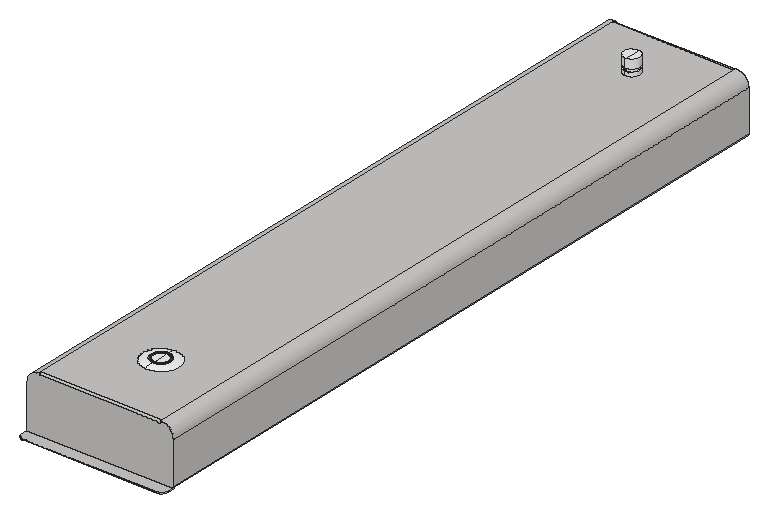
Revit family "PRD_AR_ShwrFttngsPckg_F5EShowerPanel_F5EV2008", category Plumbing Fixtures, host Face, Revit 2023
Family settings
  Host = Face
  Round Connector Dimension = Use Diameter
  Part Type = Normal
  OmniClass Number = 23.45.05.14.17.11
  OmniClass Title = Shower Compartments
  Enable Cutting in Views = No
  Cut with Voids When Loaded = No
  Maintain Annotation Orientation = No
  Shared = No
  Room Calculation Point = No
Parameters (values of type "F5EV2008")
  WithTransformerPowerSupply = "No"
  WithSoapDish = "No"
  WithShowerSet = "No"
  WithRosettesCoverPlate = "Yes"
  WithFilter = "Yes"
  WithBackflowPreventer = "Yes"
  WaterConnection = "hose (gland nut)"
  WarrantyStartDate [instance] = "1900-12-31T23:59:59"
  WarrantyGuarantorParts = "n/a"
  WarrantyGuarantorLabor = "n/a"
  WarrantyDurationUnit = "n/a"
  WarrantyDurationParts = "n/a"
  WarrantyDurationLabor = "n/a"
  WarrantyDescription = "n/a"
  VolumeFlowRateBypassPWH = "n/a"
  VolumeFlowRateAt3Bar = "0.15 l/s"
  Voltage [instance] = 24 V
  Version = "1"
  Uniclass2015Version = "Products v1.36"
  Uniclass2015Title = "Shower fittings package"
  Uniclass2015Code = "Pr_40_20_87_75"
  URL = "www.kwc-professional.com"
  TypeOfShower = "shower panel"
  TypeOfSensor = "piezo-electronic sensor"
  TypeOfPowerSupply = "Transformer"
  TypeOfOperation = "sensor operation"
  TypeOfMounting = "wall mounting"
  TypeOfMixing = "No"
  Type IFC Predefined Type = "SHOWER"
  ThermalDisinfection = "n/a"
  TemperatureLimit = "No"
  TagNumber [instance] = "n/a"
  SustainabilityPerformance = "n/a"
  SurfaceTreatmentFitting = "none"
  SurfaceFinishFitting = "n/a"
  SurfaceFinishCasing = "satin finished"
  Status = "NEW"
  SoundInsulation = "No"
  Size = "15"
  ShowerType = "Individual"
  ShowerPipeDraining = "No"
  ShowerHeadDescription = "n/a"
  ShowerHead = "for separately shower head"
  Shape = "n/a"
  SerialNumber [instance] = "n/a"
  Revision = "n/a"
  ReplacementCost = "n/a"
  Reference = "n/a"
  Push-button = yes
  ProtectiveSystemIP = "IP59K"
  ProtectiveShutdown = "Yes"
  ProductInformation = "http://pim.kwc.com/product/2030070434/attachment/datasheet?locale=en"
  PowerSupplyConnection = "A3000 open 24 V DC"
  PowerFactor [instance] = 1
  PositionOfWaterConnection = "from backside"
  PositionOfPowerConnection = "from backside"
  Poles [instance] = 1
  Parameterization = "network"
  OverallWidth = "232 mm"
  OverallHeight = "1160 mm"
  OverallDepth = "90 mm"
  NominalWidth = 232.00 mm
  NominalLength = 1160.00 mm
  NominalHeight = 1160.00 mm
  NominalDepth = 90.00 mm
  Name = "F5E Shower panel F5EV2008"
  NBSTypeID = "n/a"
  NBSReference = "45-35-70/330"
  NBSOfficeMasterTag = "n/a"
  NBSNote = "n/a"
  NBSDescription = "Shower fittings package"
  NBSCertification = "n/a"
  ModelReference = "F5EV2008"
  ModelNumber = "2030070434"
  Model = ModelReference  # "F5EV2008"
  MinimumFlowTime = "1 Seconds"
  MinimumFlowPressure = "1 bar"
  MaximumFlowTime = "6500 Seconds"
  MaterialFitting = "brass-look"
  MaterialCodeCasing = "1.4301 Chrome Nickel steel V2A"
  MaterialCasing = "stainless steel"
  Material = "stainless steel"
  ManufacturerURL = "www.kwc-professional.com"
  ManufacturerName = "KWC Group Management AG"  # constant formula
  Manufacturer = ManufacturerName  # "KWC Group Management AG"
  LockingMechanism = "Top section, non-ceramic"
  InstallationDate [instance] = "1900-12-31T23:59:59"
  InletSize = "G 1/2 A"
  IfcExportType = "SHOWER"
  IfcExportAs = "IfcSanitaryTerminalType"
  HygieneFlushing = "Yes"
  WaterHot [instance] = no
  HasTray = "No"
  Grade = "n/a"
  FunctionalPrinciple = "Electronic self-closing"
  ForHandShower = "No"
  Flow = 0.15 L/s
  Finish = "Satin finished"
  Features = "For connection from the rear to pre-mixed hot or cold water. Dimensions of housing 232 x 1160 x 90 mm. Shower head must be ordered separately."
  Export Type to IFC As = "IfcSanitaryTerminalType"
  ExpectedLife = "n/a"
  DurationUnit = "n/a"
  DrainSize = 15.00 mm
  DiameterNominal = "DN 15"
  DN = 15 mm
  ConnectionWithPayWaterDispenser = "via electronic module"
  ConnectionVerticalOffset(105-850mm) [instance] = 150.00 mm
  ConnectionHorizontalOffset(60-80mm) [instance] = 70.00 mm
  CompatibleA3000Open = "Yes"
  WaterCold [instance] = not(WaterHot)  # yes
  Circulation = "No"
  BodyMaterial = PRD_AR_StainlessSteel_SatinFinished
  Description = "F5E - A3000 open shower panel made of stainless steel for wall mounting with straight-way valve and connecting nozzles for shower head. Electronically controlled, for connection from the rear to pre-mixed hot or cold water. Connecting nozzles for the required additional DN 15 KWC shower head with pre-fitted flow regulator 9.0 l/min. Housing made of stainless steel, single-piece enclosed, including safety screws. With solenoid valve, piezo push-button with start/stop function, waterproof electronic module, electric T-junction for connection to system cable, connecting hose with lockable water flow regulator and strainer. Activated hygiene flushing 24 hours after the last activity. With facility for parameterization, cleaning deactivation and communication via ECC2 function controller, 24 V DC."
  Default Elevation = 1200.00 mm
  CreatedOn = "05/2025"  # constant formula
  Constituents = "n/a"
  Color = "stainless steel-look"
  CodePerformance = "n/a"
  Category = "Pr_40_20_87_75, Shower fittings package"
  BasicColour = "stainless steel-look"
  BarCode [instance] = "n/a"
  BIMObjectName = "PRD_AR_ ShowerFittingsPackage_F5EShowerPanel_F5EV2008"
  Author = "Archispace"  # constant formula
  AssetType = "Fixed"
  AssetIdentifier [instance] = "n/a"
  ApparentLoad [instance] = 0 VA
  Adjustment = no
  AdjustableFlowTime = "Yes"
  AdditionalConnections = "No"
  AccessibilityPerformance = "n/a"
  AccentColour = "chrome-look (glossy)"
Reference planes
  plane 1 "Center (Front/Back)": y = 0
  plane 2: z = 0
  plane 3 "Center (Left/Right)": x = 0
Dimensions and locks
  aligned and locked: plane 2 to host face
  aligned and locked: level to host face
  aligned and locked: nested 1 to plane 1 "Center (Front/Back)"
Nested families
  nested 1: "F5ShowerPanel" at (0, -140, 0) x (1, 0, 0) z (0, 1, 0), type "F5ShowerPanel"
Connectors
  piping at (-70, 870, 0), diameter 15, driven by "DN", driven by "Flow", driven by "InletSize"
    settings: on nested 1, index 1, connector inside diameter 609.6 mm, connector length 0.00 mm, flow factor 0, pipe flow 0.15 L/s, pressure drop 0.0 Pa, fitting loss kfactor 0, connector angle 0.00°, fixture units 0, engagement length 0.00 mm, angle of deflection 0.00°, flow configuration 0, flow direction 1, fitting loss method 0, system type 7, joint type 0, gender type 0, connector reference index -1, connector utility 0, adjustable connector no, is connector primary yes, connector description "G 1/2 A"
  electrical at (0, 734.25, 0), driven by "ApparentLoad", driven by "Voltage", driven by "PowerFactor", driven by "Poles"
    settings: on nested 1, index 2, voltage 24 V, apparent load 0 VA, apparent load phase1 0 VA, apparent load phase2 0 VA, apparent load phase3 0 VA, power factor 1, load classification "Power", number of poles 1, system type 30, power factor state 1, is connector primary yes, connector utility no, sub classification motor no, connector description "Power"
Definition of nested family "F5ShowerPanel"
  Parameters (values of type "F5ShowerPanel")
    WaterHot = no
    WaterCold = not(WaterHot)  # yes
    F5EV2008 = yes
    F3SV2012WaterHotCheck = and(F3SV2012, WaterHot)  # no
    F3SV2012WaterColdCheck = and(F3SV2012, WaterCold)  # no
    MaterialRed = none
    MaterialBlue = none
    Material2 = none
    Material = none
    F3SV2012 = no
    DiameterNominal = 15.00 mm
    Default Elevation = 1219.20 mm
    ConnectionVerticalOffsetCheck = if([ConnectionVerticalOffset(105-850mm)] < 105.00 mm, 105.00 mm, if([ConnectionVerticalOffset(105-850mm)] > 850.00 mm, 850.00 mm, [ConnectionVerticalOffset(105-850mm)]))  # 150.00 mm
    ConnectionVerticalOffset(105-850mm) = 150.00 mm
    ConnectionHorizontalOffsetCheck = if([ConnectionHorizontalOffset(60-80mm)] < 60.00 mm, 60.00 mm, if([ConnectionHorizontalOffset(60-80mm)] > 80.00 mm, 80.00 mm, [ConnectionHorizontalOffset(60-80mm)]))  # 70.00 mm
    ConnectionHorizontalOffset(60-80mm) = 70.00 mm
  Reference planes
    plane 1 "Center (Front/Back)": y = 0
    plane 2: z = 0
    plane 3 "Center (Left/Right)": x = 0
    plane 4: z = 1160
    plane 5: x = -116
    plane 6: x = 116
    plane 7: z = 140
    plane 8: y = -90
    plane 9: z = 20
    plane 10: z = 1010
    plane 11: x = -70
    plane 12: z = 1074
  Forms (mm)
    Extrusion 1, solid, material <- "Material", detail levels fine
      sketch origin (0, 0, 0) x (1, 0, 0) y (0, 0, 1)
        loop
          line (-116, 20) -> (-116, 10)
          arc (-116, 10) -> (-113.071, 2.929) -> (-106, 0) r 10
          line (-106, 0) -> (106, 0)
          arc (106, 0) -> (113.071, 2.929) -> (116, 10) r 10
          line (116, 10) -> (116, 20) -> (-116, 20)
      from 0 to 1.2
    Extrusion 2, solid, material <- "Material", detail levels fine
      sketch origin (0, 0, 0) x (1, 0, 0) y (0, 1, 0)
        loop
          arc (-113, 0) -> (-115.121, -0.879) -> (-116, -3) r 3
          line (-116, -3) -> (-116, -70)
          arc (-116, -70) -> (-110.142, -84.142) -> (-96, -90) r 20
          line (-96, -90) -> (96, -90)
          arc (96, -90) -> (110.142, -84.142) -> (116, -70) r 20
          line (116, -70) -> (116, -3)
          arc (116, -3) -> (115.121, -0.879) -> (113, 0) r 3
          line (113, 0) -> (-113, 0)
      from 20 to 1160
    Sweep 3, void
      path origin (0, 0, 0) x (1, 0, 0) y (0, 1, 0)
        loop
          line (-96, 0) -> (96, 0)
      profile origin (0, 0, 0) x (0, 1, 0) y (0, 0, 1)
        loop
          line (0, 1160) -> (-3, 1160)
          arc (-3, 1160) -> (-0.879, 1159.121) -> (0, 1157) r 3
          line (0, 1157) -> (0, 1160)
        loop
          line (-87, 1160) -> (-90, 1160) -> (-90, 1157)
          arc (-90, 1157) -> (-89.121, 1159.121) -> (-87, 1160) r 3
        loop
          line (-90, 23) -> (-90, 20) -> (-87, 20)
          arc (-87, 20) -> (-89.121, 20.879) -> (-90, 23) r 3
    Revolve 4, solid, material <- "Material2", visible <- "F3SV2012", detail levels fine
      sketch origin (0, 0, 0) x (0, 1, 0) y (0, 0, 1)
        loop
          line (-90, 140) -> (-90, 180) -> (-96.518, 178.254)
          arc (-96.518, 178.254) -> (-97.587, 177.539) -> (-98, 176.322) r 2
          line (-98, 176.322) -> (-98, 158) -> (-113.3, 158) -> (-113.3, 156.5) -> (-116.1, 156.5) -> (-116.1, 158) -> (-125.5, 158) -> (-125.5, 156.4) -> (-127.1, 156.4) -> (-127.1, 158) -> (-135, 158)
          arc (-135, 158) -> (-136.081, 157.639) -> (-136.729, 156.701) r 1.8
          arc (-136.729, 156.701) -> (-138.504, 148.434) -> (-139.1, 140) r 60
          line (-139.1, 140) -> (-90, 140)
        axis (-90, 140) -> (-139.1, 140)
      angle from 0 to 360
    Revolve 5, solid, material <- "MaterialRed", visible <- "F3SV2012WaterHotCheck"
      sketch origin (0, 0, 0) x (0, 1, 0) y (0, 0, 1)
        loop
          circle (-126.3, 157.25) r 0.8
        axis (-125.5, 140) -> (-127.1, 140)
      angle from 0 to 360
    Revolve 6, solid, material <- "MaterialBlue", visible <- "F3SV2012WaterColdCheck"
      sketch origin (0, 0, 0) x (0, 1, 0) y (0, 0, 1)
        loop
          circle (-126.3, 157.25) r 0.8
        axis (-125.5, 140) -> (-127.1, 140)
      angle from 0 to 360
    Revolve 7, solid, material <- "Material2", detail levels fine
      sketch origin (0, 0, 0) x (0, 1, 0) y (0, 0, 1)
        loop
          line (-90, 1074) -> (-114, 1074) -> (-114, 1061.025) -> (-101, 1061.025) -> (-101, 1064) -> (-95.5, 1064) -> (-95.5, 1061.025) -> (-90, 1061.025) -> (-90, 1074)
        axis (-114, 1074) -> (-90, 1074)
      angle from 0 to 360
    Revolve 8, solid, material <- "Material2", detail levels coarse+medium
      sketch origin (0, 0, 0) x (0, 1, 0) y (0, 0, 1)
        loop
          line (-90, 1074) -> (-114, 1074) -> (-114, 1061.025) -> (-90, 1061.025) -> (-90, 1074)
        axis (-114, 1074) -> (-90, 1074)
      angle from 0 to 360
    Revolve 9, solid, material <- "Material2", visible <- "F3SV2012", detail levels medium
      sketch origin (0, 0, 0) x (0, 1, 0) y (0, 0, 1)
        loop
          line (-90, 140) -> (-90, 180) -> (-98, 180) -> (-98, 158) -> (-139.1, 158) -> (-139.1, 140) -> (-90, 140)
        axis (-90, 140) -> (-139.1, 140)
      angle from 0 to 360
    Revolve 10, solid, material <- "Material2", visible <- "F3SV2012", detail levels coarse
      sketch origin (0, 0, 0) x (0, 1, 0) y (0, 0, 1)
        loop
          line (-90, 140) -> (-90, 180) -> (-139.1, 180) -> (-139.1, 140) -> (-90, 140)
        axis (-90, 140) -> (-139.1, 140)
      angle from 0 to 360
    Extrusion 11, solid, material <- "Material", detail levels medium
      sketch origin (0, 0, 0) x (1, 0, 0) y (0, 1, 0)
        loop
          arc (-113, 0) -> (-115.121, -0.879) -> (-116, -3) r 3
          line (-116, -3) -> (-116, -70)
          arc (-116, -70) -> (-110.142, -84.142) -> (-96, -90) r 20
          line (-96, -90) -> (96, -90)
          arc (96, -90) -> (110.142, -84.142) -> (116, -70) r 20
          line (116, -70) -> (116, -3)
          arc (116, -3) -> (115.121, -0.879) -> (113, 0) r 3
          line (113, 0) -> (-113, 0)
      from 20 to 1160
    Extrusion 12, solid, material <- "Material", detail levels medium
      sketch origin (0, 0, 0) x (1, 0, 0) y (0, 0, 1)
        loop
          line (-116, 20) -> (-116, 0) -> (116, 0) -> (116, 20) -> (-116, 20)
      from 0 to 1.2
    Extrusion 13, solid, material <- "Material", detail levels coarse
      sketch origin (0, 0, 0) x (1, 0, 0) y (0, 1, 0)
        loop
          arc (-113, 0) -> (-115.121, -0.879) -> (-116, -3) r 3
          line (-116, -3) -> (-116, -70)
          arc (-116, -70) -> (-110.142, -84.142) -> (-96, -90) r 20
          line (-96, -90) -> (96, -90)
          arc (96, -90) -> (110.142, -84.142) -> (116, -70) r 20
          line (116, -70) -> (116, -3)
          arc (116, -3) -> (115.121, -0.879) -> (113, 0) r 3
          line (113, 0) -> (-113, 0)
      from 0 to 1160
    Extrusion 14, solid
      sketch origin (0, 0, 0) x (1, 0, 0) y (0, 0, 1)
        loop
          circle (-70, 1010) r 7.5
      from 0 to 2
    Extrusion 15, solid, material <- "Material2", not visible, detail levels medium+fine
      sketch origin (0, -80, 81.75) x (1, 0, 0) y (0, 0, 1)
        loop
          circle (0, 58.25) r 40
      from 10 to 12
    Revolve 16, solid, material <- "Material2", visible <- "F5EV2008", detail levels fine
      sketch origin (0, 0, -144) x (0, 1, 0) y (0, 0, 1)
        loop
          line (-90, 284) -> (-90, 313)
          arc (-90, 313) -> (-92.241, 306.415) -> (-93, 299.5) r 31.875
          line (-93, 299.5) -> (-91.5, 299.5) -> (-91.5, 296.5) -> (-93, 296.5) -> (-93, 284) -> (-90, 284)
        axis (-90, 284) -> (-93, 284)
      angle from 0 to 360
    Revolve 17, solid, material <- "Material2", visible <- "F5EV2008", detail levels medium
      sketch origin (0, 0, -144) x (0, 1, 0) y (0, 0, 1)
        loop
          line (-90, 284) -> (-90, 313) -> (-93, 313) -> (-93, 299.5) -> (-91.5, 299.5) -> (-91.5, 284) -> (-90, 284)
        axis (-90, 284) -> (-93, 284)
      angle from 0 to 360
    Revolve 18, solid, material <- "Material2", visible <- "F5EV2008", detail levels coarse
      sketch origin (0, 0, -144) x (0, 1, 0) y (0, 0, 1)
        loop
          line (-90, 284) -> (-90, 313) -> (-93, 313) -> (-93, 284) -> (-90, 284)
        axis (-90, 284) -> (-93, 284)
      angle from 0 to 360
    Revolve 19, solid, material <- "MaterialRed", detail levels medium+fine
      sketch origin (0, 0, -144) x (0, 1, 0) y (0, 0, 1)
        loop
          line (-93, 299.5) -> (-93, 296.5) -> (-91.5, 296.5) -> (-91.5, 299.5) -> (-93, 299.5)
        axis (-91.5, 284) -> (-93, 284)
      angle from 0 to 360
  Cuts and joins
    Sweep 3 cuts Extrusion 2
  Lines and regions (mm)
    Split face 1
      outline origin (0, -92, 81.75) x (1, 0, 0) y (0, 0, 1)
        loop
          line (-3.58, 92.312) -> (-3.737, 93.804)
          arc (-3.737, 93.804) -> (-23.841, 84.89) -> (-34.923, 65.894) r 35.75
          line (-34.923, 65.894) -> (-33.458, 65.573)
          arc (-33.458, 65.573) -> (-22.841, 83.772) -> (-3.58, 92.312) r 34.25
    Split face 2
      outline origin (0, -92, 81.75) x (1, 0, 0) y (0, 0, 1)
        loop
          arc (3.58, 92.312) -> (22.841, 83.772) -> (33.458, 65.573) r 34.25
          line (33.458, 65.573) -> (34.923, 65.894)
          arc (34.923, 65.894) -> (23.841, 84.89) -> (3.737, 93.804) r 35.75
          line (3.737, 93.804) -> (3.58, 92.312)
  Dimensions and locks
    plane 4 to level = 1160.00 mm
    equal spacing: plane 5, plane 3 "Center (Left/Right)", plane 6
    locked: plane 5 to plane 6 at 232
    locked: plane 8 to plane 1 "Center (Front/Back)" at 90
    locked: plane 9 to level at 20
    locked: plane 7 to plane 9 at 120
    "ConnectionVerticalOffsetCheck": plane 4 to plane 10
    "ConnectionHorizontalOffsetCheck": plane 3 "Center (Left/Right)" to plane 11
    locked: plane 4 to plane 12 at 86
    "DiameterNominal": diameter of Extrusion 14 sketch curve
    aligned and locked: level to plane 2
    aligned and locked: Extrusion 2 to plane 9
    aligned and locked: plane 4 to Extrusion 2
    aligned and locked: Revolve 7 sketch curve to plane 12
    aligned and locked: Revolve 8 sketch curve to plane 12
  Automatic sketch dimensions
    plane 5 to Extrusion 1 sketch curve = 0.00 mm
    Extrusion 1 sketch curve to level = 0.00 mm
    Extrusion 1 sketch curve to plane 6 = 0.00 mm
    Extrusion 1 sketch curve to plane 9 = 0.00 mm
    Extrusion 1 sketch curve to plane 5 = 10.00 mm
    Extrusion 1 sketch curve to Extrusion 1 sketch curve = 10.00 mm
    Extrusion 2 sketch curve to plane 5 = 0.00 mm
    plane 1 "Center (Front/Back)" to Extrusion 2 sketch curve = 0.00 mm
    Extrusion 2 sketch curve to plane 8 = 0.00 mm
    Extrusion 2 sketch curve to plane 6 = 0.00 mm
    Extrusion 2 sketch curve to plane 5 = 3.00 mm
    Extrusion 2 sketch curve to Extrusion 2 sketch curve = 20.00 mm
    Extrusion 2 sketch curve to plane 6 = 20.00 mm
    plane 1 "Center (Front/Back)" to Extrusion 2 sketch curve = 3.00 mm
    plane 1 "Center (Front/Back)" to Sweep 3 sketch curve = 0.00 mm
    Sweep 3 sketch curve to plane 5 = 20.00 mm
    Sweep 3 sketch curve to plane 6 = 20.00 mm
    Sweep 3 sketch curve to profile plane = 0.00 mm
    profile plane to Sweep 3 sketch curve = 3.00 mm
    level to Sweep 3 sketch curve = 20.00 mm
    profile plane to Sweep 3 sketch curve = 87.00 mm
    Sweep 3 sketch curve to Sweep 3 sketch curve = 84.00 mm
    Sweep 3 sketch curve to Sweep 3 sketch curve = 3.00 mm  (x2)
    Sweep 3 sketch curve to Sweep 3 sketch curve = 1134.00 mm
    Sweep 3 sketch curve to Sweep 3 sketch curve = 0.00 mm
    Revolve 4 sketch curve to plane 7 = 0.00 mm  (x2)
    Revolve 4 sketch curve to plane 8 = 0.00 mm
    Revolve 4 sketch curve to plane 8 = 6.00 mm
    Revolve 4 sketch curve to Revolve 4 sketch curve = 0.518 mm
    Revolve 4 sketch curve to plane 8 = 8.00 mm
    Revolve 4 sketch curve to Revolve 4 sketch curve = 15.30 mm
    Revolve 4 sketch curve to Revolve 4 sketch curve = 2.80 mm
    Revolve 4 sketch curve to Revolve 4 sketch curve = 9.40 mm
    Revolve 4 sketch curve to Revolve 4 sketch curve = 1.60 mm  (x3)
    Revolve 4 sketch curve to Revolve 4 sketch curve = 7.90 mm
    Revolve 4 sketch curve to Revolve 4 sketch curve = 4.10 mm
    plane 8 to Revolve 4 sketch curve = 10.90 mm
    plane 7 to Revolve 4 sketch curve = 16.20 mm
    Revolve 4 sketch curve to Revolve 4 sketch curve = 0.20 mm
    Revolve 4 sketch curve to Revolve 4 sketch curve = 0.10 mm
    Revolve 4 sketch curve to Revolve 4 sketch curve = 1.50 mm
    Revolve 4 sketch curve to Revolve 4 sketch curve = 18.322 mm
    Revolve 4 sketch curve to Revolve 4 sketch curve = 1.746 mm
    Revolve 4 sketch curve to Revolve 4 sketch curve = 10.90 mm
    Revolve 4 sketch curve to Revolve 4 sketch curve = 10.00 mm
    Revolve 5 sketch curve to plane 7 = 0.00 mm
    plane 7 to Revolve 5 sketch curve = 17.25 mm
    Revolve 5 sketch curve to plane 8 = 36.30 mm
    Revolve 5 sketch curve to Revolve 5 sketch curve = 19.602 mm
    Revolve 5 sketch curve to Revolve 5 sketch curve = 2.709 mm
    Revolve 6 sketch curve to plane 7 = 0.00 mm
    plane 7 to Revolve 6 sketch curve = 17.25 mm
    Revolve 6 sketch curve to plane 8 = 36.30 mm
    Revolve 6 sketch curve to Revolve 6 sketch curve = 19.602 mm
    Revolve 6 sketch curve to Revolve 6 sketch curve = 2.709 mm
    Revolve 7 sketch curve to plane 8 = 0.00 mm
    Revolve 7 sketch curve to plane 8 = 5.50 mm
    Revolve 7 sketch curve to Revolve 7 sketch curve = 5.50 mm
    Revolve 7 sketch curve to Revolve 7 sketch curve = 13.00 mm
    Revolve 7 sketch curve to Revolve 7 sketch curve = 0.00 mm  (x2)
    Revolve 7 sketch curve to Revolve 7 sketch curve = 2.975 mm
    Revolve 7 sketch curve to Revolve 7 sketch curve = 12.975 mm
    Revolve 7 sketch curve to plane 8 = 2.949 mm
    plane 8 to Revolve 7 sketch curve = 7.051 mm
    Revolve 8 sketch curve to plane 8 = 0.00 mm
    Revolve 8 sketch curve to plane 8 = 24.00 mm
    Revolve 8 sketch curve to Revolve 8 sketch curve = 12.975 mm
    Revolve 8 sketch curve to plane 8 = 2.949 mm
    Revolve 8 sketch curve to Revolve 8 sketch curve = 7.051 mm
    Revolve 8 sketch curve to Revolve 8 sketch curve = 0.00 mm
    Revolve 9 sketch curve to plane 7 = 0.00 mm  (x2)
    Revolve 9 sketch curve to plane 8 = 0.00 mm
    Revolve 9 sketch curve to Revolve 9 sketch curve = 8.00 mm
    plane 7 to Revolve 9 sketch curve = 18.00 mm
    Revolve 9 sketch curve to Revolve 9 sketch curve = 41.10 mm
    Revolve 9 sketch curve to Revolve 9 sketch curve = 22.00 mm
    Revolve 9 sketch curve to Revolve 9 sketch curve = 10.90 mm
    Revolve 9 sketch curve to Revolve 9 sketch curve = 10.00 mm
    Revolve 10 sketch curve to plane 7 = 0.00 mm  (x2)
    Revolve 10 sketch curve to plane 8 = 0.00 mm
    Revolve 10 sketch curve to Revolve 10 sketch curve = 49.10 mm
    Revolve 10 sketch curve to Revolve 10 sketch curve = 40.00 mm
    Revolve 10 sketch curve to Revolve 10 sketch curve = 10.90 mm
    Revolve 10 sketch curve to Revolve 10 sketch curve = 10.00 mm
    Extrusion 11 sketch curve to plane 5 = 0.00 mm
    plane 1 "Center (Front/Back)" to Extrusion 11 sketch curve = 0.00 mm
    Extrusion 11 sketch curve to plane 8 = 0.00 mm
    Extrusion 11 sketch curve to plane 6 = 0.00 mm
    Extrusion 11 sketch curve to plane 5 = 3.00 mm
    Extrusion 11 sketch curve to Extrusion 11 sketch curve = 20.00 mm
    Extrusion 11 sketch curve to plane 6 = 20.00 mm
    plane 1 "Center (Front/Back)" to Extrusion 11 sketch curve = 3.00 mm
    plane 5 to Extrusion 12 sketch curve = 0.00 mm
    Extrusion 12 sketch curve to level = 0.00 mm
    Extrusion 12 sketch curve to plane 6 = 0.00 mm
    Extrusion 12 sketch curve to plane 9 = 0.00 mm
    Extrusion 13 sketch curve to plane 5 = 0.00 mm
    plane 1 "Center (Front/Back)" to Extrusion 13 sketch curve = 0.00 mm
    Extrusion 13 sketch curve to plane 8 = 0.00 mm
    Extrusion 13 sketch curve to plane 6 = 0.00 mm
    Extrusion 13 sketch curve to plane 5 = 3.00 mm
    Extrusion 13 sketch curve to Extrusion 13 sketch curve = 20.00 mm
    Extrusion 13 sketch curve to plane 6 = 20.00 mm
    plane 1 "Center (Front/Back)" to Extrusion 13 sketch curve = 3.00 mm
    Extrusion 15 sketch curve to plane 3 "Center (Left/Right)" = 0.00 mm
    Extrusion 15 sketch curve to plane 7 = 0.00 mm
    Split face 1 sketch curve to Split face 1 sketch curve = 33.458 mm
    Split face 1 sketch curve to Split face 1 sketch curve = 1.465 mm
    Split face 1 sketch curve to Split face 1 sketch curve = 3.58 mm
    Split face 1 sketch curve to Split face 1 sketch curve = 0.00 mm  (x2)
    Split face 1 sketch curve to Split face 1 sketch curve = 0.157 mm
    Split face 2 sketch curve to Split face 2 sketch curve = 3.58 mm
    Split face 2 sketch curve to Split face 2 sketch curve = 0.157 mm
    Split face 2 sketch curve to Split face 2 sketch curve = 33.458 mm
    Split face 2 sketch curve to Split face 2 sketch curve = 1.465 mm
    Revolve 16 sketch curve to plane 7 = 0.00 mm  (x2)
    Revolve 16 sketch curve to plane 8 = 0.00 mm
    Revolve 16 sketch curve to plane 8 = 1.50 mm
    Revolve 16 sketch curve to Revolve 16 sketch curve = 1.50 mm  (x2)
    plane 8 to Revolve 16 sketch curve = 28.875 mm
    plane 7 to Revolve 16 sketch curve = 12.50 mm
    Revolve 16 sketch curve to Revolve 16 sketch curve = 3.00 mm
    Revolve 16 sketch curve to Revolve 16 sketch curve = 0.00 mm
    Revolve 16 sketch curve to Revolve 16 sketch curve = 6.618 mm
    Revolve 17 sketch curve to plane 7 = 0.00 mm  (x2)
    Revolve 17 sketch curve to plane 8 = 0.00 mm
    Revolve 17 sketch curve to plane 8 = 1.50 mm
    Revolve 17 sketch curve to Revolve 17 sketch curve = 1.50 mm  (x2)
    plane 7 to Revolve 17 sketch curve = 15.50 mm
    Revolve 17 sketch curve to Revolve 17 sketch curve = 13.50 mm
    Revolve 17 sketch curve to Revolve 17 sketch curve = 6.618 mm
    Revolve 18 sketch curve to plane 7 = 0.00 mm  (x2)
    Revolve 18 sketch curve to plane 8 = 0.00 mm
    Revolve 18 sketch curve to plane 8 = 3.00 mm
    plane 7 to Revolve 18 sketch curve = 29.00 mm
    Revolve 18 sketch curve to Revolve 18 sketch curve = 0.00 mm
    Revolve 18 sketch curve to Revolve 18 sketch curve = 6.618 mm
    Revolve 19 sketch curve to plane 7 = 0.00 mm
    plane 7 to Revolve 19 sketch curve = 15.50 mm
    Revolve 19 sketch curve to plane 8 = 3.00 mm
    Revolve 19 sketch curve to Revolve 19 sketch curve = 1.50 mm
    Revolve 19 sketch curve to Revolve 19 sketch curve = 3.00 mm
    Revolve 19 sketch curve to Revolve 19 sketch curve = 0.00 mm
    Revolve 19 sketch curve to Revolve 19 sketch curve = 6.618 mm
    Extrusion 14 sketch curve to plane 10 = 0.00 mm
    Extrusion 14 sketch curve to plane 11 = 0.00 mm
    radius of Revolve 5 sketch curve = 0.80 mm
    radius of Revolve 6 sketch curve = 0.80 mm
    radius of Extrusion 15 sketch curve = 40.00 mm
    radius of Split face 1 sketch curve to Extrusion 15 = 5.75 mm
    radius of Split face 1 sketch curve to Extrusion 15 = 4.25 mm
    radius of Split face 2 sketch curve to Extrusion 15 = 5.75 mm
    radius of Split face 2 sketch curve to Extrusion 15 = 4.25 mm
